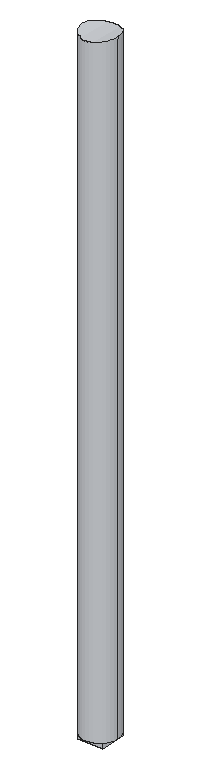
Revit family "上or下马腿", category 常规模型, Revit 2022
Family settings
  可将钢筋附着到主体 = 否
  圆形连接件大小 = 使用直径
  零件类型 = 标准
  基于工作平面 = 否
  总是垂直 = 是
  加载时剪切的空心 = 否
  保持注释方向 = 否
  共享 = 否
  房间计算点 = 否
Parameters
  默认高程 = 0 mm
  马腿长度 = 12000 mm
  马腿半径 = 300 mm
  马杆半径 = 1300 mm
  榫卯深度（取负值） = -80 mm
  001 = 0.7 * 马腿半径  # 210 mm
  000 = -马腿半径  # -300 mm
Reference planes
  plane 1 "中心(前/后)": y = 0
  plane 2: z = 0
  plane 3 "中心(左/右)": x = 0
Forms (mm)
  Extrusion 1, solid
    sketch origin (0, 0, 0) x (1, 0, 0) y (0, 1, 0)
      loop
        circle (0, 0) r 300
    from 0 to 12000 <- "马腿长度"
  Extrusion 2, void
    sketch origin (0, 0, 0) x (1, 0, 0) y (0, 0, 1)
      loop
        circle (0, 12000) r 1300
    from 300 <- "马腿半径" to -300 <- "000"
  Extrusion 3, solid
    sketch origin (0, 0, 0) x (1, 0, 0) y (0, 1, 0)
      loop
        line (-210, 210) -> (-210, -210) -> (210, -210) -> (210, 210) -> (-210, 210)
    from 0 to -80 <- "榫卯深度（取负值）"
Cuts and joins
  Extrusion 2 cuts Extrusion 1
Dimensions and locks
  "001": plane 1 "中心(前/后)" to Extrusion 3 sketch curve  (x2)
  "001": Extrusion 3 sketch curve to plane 3 "中心(左/右)"
  "001": plane 3 "中心(左/右)" to Extrusion 3 sketch curve
  "马腿半径": radius of Extrusion 1 sketch curve
  "马杆半径": radius of Extrusion 2 sketch curve
  aligned and locked: level to plane 2
Automatic sketch dimensions
  plane 1 "中心(前/后)" to Extrusion 1 sketch curve = 0 mm
  Extrusion 1 sketch curve to plane 3 "中心(左/右)" = 0 mm
  Extrusion 2 sketch curve to plane 3 "中心(左/右)" = 0 mm
  level to Extrusion 2 sketch curve = 12000 mm
